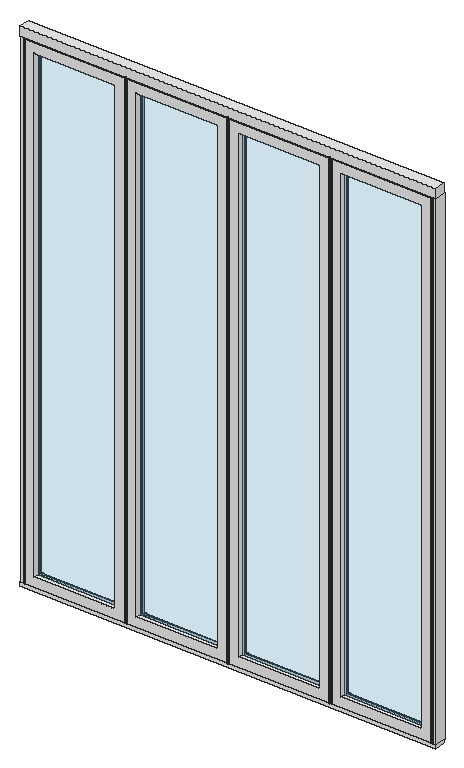
Revit family "98134", category Windows, host Wall, Revit 2018
Family settings
  Host = Wall
  OmniClass Number = 23.30.20.00
  OmniClass Title = Windows
  Always vertical = Yes
  Cut with Voids When Loaded = No
  Shared = No
  Room Calculation Point = No
Parameters (values of type "Standard")
  Y N Override Stack [instance] = no
  Y N Override Number of Panels [instance] = no
  Warranty URL = "http://www.nanawall.com/support/warranty"
  URL = "http://www.nanawall.com/design/autocad"
  U Value = 0.26
  Thickness = 3 19/128"
  Subcategory = "Folding Window"  # constant formula
  Stack Width [instance] = 3 19/128" * Panels  # 12 19/32"
  Split Stack Right [instance] = 4
  Split Stack [instance] = no
  Size Comment [instance] = if(or(Y N Override Stack, Y N Override Number of Panels), "CONTACT NANAWALL FOR SPECIAL SIZING", " ")  # " "
  Size Chart [instance] = "http://www.nanawall.com/products/sl70/sizes"
  Single Right Stack [instance] = if(and(Y N Override Stack, Left Stack), 1 = 0, if(Right Standard = 1, 1 = 1, if(and(C Split Stack, Split Stack Right = 1), 1 = 1, 1 = 0)))  # no
  Single Panel [instance] = if(and(Closed, Width < 39 1/16"), 1 = 1, if(Width > 39", 1 = 0, 1 = 0))  # no
  Single Left Stack [instance] = if(and(not(Y N Override Stack), (Left Standard = 1)), 1 = 1, if(and(Y N Override Stack, Left Stack, (Panels = 1)), 1 = 1, (if(and(C Split Stack, Split Stack Right = Panels - 1), 1 = 1, 1 = 0))))  # no
  Sills Available = "Raised, Low Profile Saddle, Flush"  # constant formula
  Sash = Metal - NanaWall - Aluminum
  Rough Width = Width - (2 * (121/128"))  # 118 7/64"
  Rough Height = Height - 2 129/256"  # 141 127/256"
  Right Standard [instance] = roundup(Panels / 2)  # 2
  Right Stack Width [instance] = RS C * Thickness  # 6 19/64"
  Right Stack [instance] = no
  RS C [instance] = if(RS = 1, 2, if(RS = 0, 2, if(C Split Stack, Split Stack Right, RS)))  # 2
  RS [instance] = if(Not Override Stack, Right Standard, if(C Right Stack, Panels, if(C Left Stack, 2, if(C Split Stack, Split Stack Right, 2))))  # 2
  Product Page URL = "http://www.nanawall.com/products/sl70"
  Performance URL = "http://www.nanawall.com/products/sl70/testingresult"
  Panels [instance] = if(Y N Override Number of Panels, Override Number of Panels, Panel Constraint)  # 4
  Panel Width [instance] = Opening Width / Panels  # 29 135/256"
  Panel Height = Height Constraint - (2 9/16")  # 141 7/16"
  Panel Constraint [instance] = if(Width < 55", 2, if(Width < 82", 2, if(Width < 110", 3, if(Width < 137", 4, if(Width < 166", 5, if(Width < 192", 6, if(Width < 220", 7, if(Width < 247", 8, if(Width < 274", 10, if(Width < 396", 11, if(Width < 432", 12, if(Width < 468", 13, if(Width < 504", 14, if(Width < 540", 15, if(Width < 576", 16, if(Width < 612", 17, if(Width < 648", 18, if(Width < 684", 19, if(Width < 720", 20, 21)))))))))))))))))))  # 4
  Override Number of Panels [instance] = 4
  Opening Width = Width - (121/128" * 2)  # 118 7/64"
  Open Right Single [instance] = if(and(Open, Single Right Stack), 1 = 1, 1 = 0)  # no
  Open Right Multi [instance] = if(and(Open, Multiple Right Stack), 1 = 1, 1 = 0)  # no
  Open Left Single [instance] = if(and(Open, Single Left Stack), 1 = 1, 1 = 0)  # no
  Open Left Multi [instance] = if(and(Open, Multiple Left Stack), 1 = 1, 1 = 0)  # no
  Open [instance] = no
  Not Override Stack [instance] = not(Y N Override Stack)  # yes
  NanaWall Configurator = "http://www.nanawall.com/content/select-wizard"
  Multiple Right Stack [instance] = if(Width < 39 1/16", 1 = 0, if(and(Right Standard < 1.5, Not Override Stack), 1 = 0, if(and(Right Standard > 1, Not Override Stack), 1 = 1, (if(and(C Split Stack, Split Stack Right > 1), 1 = 1, if(C Right Stack, 1 = 1, 1 = 0))))))  # yes
  Multiple Panel [instance] = if(and(Open, Width > 39 1/16"), 1 = 0, if(and(Closed, Width > 39 1/16"), 1 = 1, if(Width < 39", 1 = 0, 1 = 1)))  # yes
  Multiple Left Stack [instance] = if(and(Left Standard > 1, Not Override Stack), 1 = 1, (if(and(C Split Stack, Split Stack Right < Panels - 1), 1 = 1, if(C Left Stack, 1 = 1, 1 = 0))))  # yes
  Model = "SL-70"  # constant formula
  Max Panel Height = if(Panel Height > 144", 144", Panel Height)  # 141 7/16"
  Manufacturer Toll Free Phone = "(888) 411-NANA(6262)"  # constant formula
  Manufacturer Phone = "(415) 383-3148"  # constant formula
  Manufacturer Fax = "(415) 383-0312"  # constant formula
  Manufacturer Email = "mailto:info@nanawall.com"
  Manufacturer Address = "100 Meadowcreek Drive #250, Corte Madera, CA 94925"  # constant formula
  Manufacturer = "NanaWall Systems, Inc."  # constant formula
  Left Standard [instance] = rounddown(Panels / 2)  # 2
  Left Stack Width [instance] = LS C * Thickness  # 6 19/64"
  Left Stack [instance] = no
  LS C [instance] = if(LS = 1, 2, if(LS = 0, 2, if(C Split Stack, Panels - Split Stack Right, LS)))  # 2
  LS [instance] = if(Not Override Stack, Left Standard, if(C Left Stack, Panels, if(C Right Stack, 2, if(C Split Stack, Panels - Split Stack Right, 2))))  # 2
  Installation and Service URL = "http://www.nanawall.com/support/installer"
  Height Constraint = if(Height < 39", 39", if(Height > 144", 144", Height))  # 144"
  Height = 144"
  Wall Closure = By host
  Width = 120"
  Half Panel Width [instance] = Panel Width / 2  # 14.76367"
  Glazing Options = "http://www.nanawall.com/products/sl70/glazing"
  Glass Material = Glass - NanaWall - Generic
  Filler = Rubber - NanaWall - Black
  Exterior Wall Offset = 5"
  Engineering Details URL = "http://www.nanawall.com/products/sl70/component"
  Disclaimer = "Please note that the Revit model is for schematic purposes only.  To obtain a detailed 3D model, please go to the NanaWall's configurator at www.nanawall.com."  # constant formula
  Description = "Monumental Thermally Broken Folding System"  # constant formula
  Cost Info = "http://www.nanawall.com/design_wizard/sl70/quote-SDT-13"
  Closed [instance] = not(Open)  # yes
  Clearance On [instance] = no
  C Split Stack [instance] = if(and(Y N Override Stack, Split Stack), 1 = 1, if(Right Stack, 1 = 0, if(Left Stack, 1 = 0, 1 = 0)))  # no
  C Right Stack [instance] = if(and(Y N Override Stack, Right Stack), 1 = 1, if(Left Stack, 1 = 0, if(Split Stack, 1 = 0, 1 = 1)))  # yes
  C Left Stack [instance] = if(and(Y N Override Stack, Left Stack), 1 = 1, if(Right Stack, 1 = 0, if(Split Stack, 1 = 0, 1 = 0)))  # no
  Assembly Code = "B2050.1040"
  95 CSI = "8411"  # constant formula
  04 CSI = "08 41 13"  # constant formula
Reference planes
  plane 1 "Center (Front/Back)": y = 0
  plane 2 "Center (Left/Right)": x = 0
  plane 3 "Left": x = -1524
  plane 4 "Right": x = 1524
  plane 5 "Top": z = 3657.6
  plane 6: z = 3592.512
  plane 7 "Top Edge Of Sill": z = 23.416
  plane 8: z = 1828.8
  plane 9: x = -1500
  plane 10: x = 1500
  plane 11: x = 1340.059
  plane 12: y = -39.985
  plane 13: y = 39.985
  plane 14 "Sash Offset Plane": y = -50.8
  plane 15: y = -90.785
  plane 16: x = -1340.059
Lines and regions (mm)
  Opening 1
    outline origin (-2286, -76.2, 0) x (1, 0, 0) y (0, 0, 1)
      loop
        line (762, 0) -> (3810, 0) -> (3810, 3657.6) -> (762, 3657.6) -> (762, 0)
  symbolic lines
    curve 1: line (-1524, -10.815, 0) -> (-1500, -10.815, 0)
    curve 3: line (-1524, -10.815, 0) -> (1524, -10.815, 0)
    curve 4: line (-1524, -90.785, 0) -> (1524, -90.785, 0)
    curve 8: line (-1500, -10.815, 0) -> (-1500, -90.785, 0)
    curve 9: line (-1524, -90.785, 0) -> (-1524, -10.815, 0)
  symbolic lines, visible <- "Clearance On"
    curve 2: line (-1500, -90.785, 0) -> (-1524, -90.785, 0)
    curve 5: line (-1500, -840.78, 0) -> (-1500, -90.785, 0)
    curve 6: line (1500, -840.78, 0) -> (-1500, -840.78, 0)
    curve 7: line (1500, -90.785, 0) -> (1500, -840.78, 0)
Text (mm)
  text "Exterior" at (-1930.501, 1299.302, 0), in view "Ref. Level"
  text "Interior" at (-1848.876, -1281.113, 0), in view "Ref. Level"
  text "Exterior" at (0, 1019.848, 2216.482), in view "Right"
  text "Interior" at (0, -1635.541, 2216.482), in view "Right"
  text "Interior" at (0, -787.806, 3124.376), in view "Left"
  text "Exterior" at (0, 1386.095, 3124.376), in view "Left"
Dimensions and locks
  "Height Constraint": level to plane 5 "Top"
  "Width": plane 3 "Left" to plane 4 "Right"
  equal spacing: plane 3 "Left", plane 2 "Center (Left/Right)", plane 4 "Right"
  locked: level to plane 7 "Top Edge Of Sill" at 23.416
  locked: plane 6 to plane 5 "Top" at 65.087
  equal spacing: level, plane 8, plane 5 "Top"
  locked: plane 3 "Left" to plane 9 at 24
  locked: plane 10 to plane 4 "Right" at 24
  host wall to host wall = 144"
  "Right Stack Width": plane 11 to plane 10
  equal spacing: plane 13, host wall, plane 12
  locked: plane 13 to plane 12 at 79.97
  equal spacing: group 1, group 3, group 4, group 2  (x3)
  "Exterior Wall Offset": host wall to plane 14 "Sash Offset Plane"
  locked: plane 14 "Sash Offset Plane" to plane 15 at 39.985
  group 6 to group 5 = 3 19/128"
  group 5 to group 6 = 0"  (x2)
  plane 3 "Left" to plane 9 = 0.94488"
  "Left Stack Width": plane 9 to plane 16
  group 7 to group 8 = 3 19/128"
  group 7 to group 8 = 0"  (x2)
  group 10 to group 9 = 3 19/128"
  group 9 to group 10 = 0"  (x2)
  curve 4 to plane 14 "Sash Offset Plane" to curve 3 = 1 147/256" locked, 1 147/256" locked
  "Panel Width": plane 15 to curve 6
  group 11 to group 12 = 3 19/128"
  group 11 to group 12 = 0"  (x2)
  aligned and locked: plane 3 "Left" to Opening 1 sketch curve
  aligned and locked: plane 5 "Top" to Opening 1 sketch curve  (x2)
  aligned and locked: Opening 1 sketch curve to plane 4 "Right"
  aligned and locked: Opening 1 sketch curve to level
  aligned and locked: nested 1 to plane 3 "Left"
  aligned and locked: nested 2 to plane 4 "Right"
  aligned and locked: plane 9 to nested 3
  aligned and locked: plane 14 "Sash Offset Plane" to nested 3
  aligned and locked: nested 1 to plane 14 "Sash Offset Plane"
  aligned and locked: plane 14 "Sash Offset Plane" to nested 2
  aligned and locked: nested 5 to plane 14 "Sash Offset Plane"
  aligned and locked: plane 15 to nested 9
  aligned and locked: nested 10 to plane 11
  aligned and locked: plane 15 to nested 10
  aligned and locked: plane 14 "Sash Offset Plane" to nested 4
  aligned and locked: plane 14 "Sash Offset Plane" to nested 6
  aligned and locked: level to nested 5
  aligned and locked: nested 3 to level
  aligned and locked: nested 6 to level
  aligned and locked: level to nested 2
  aligned and locked: nested 1 to level
  aligned and locked: plane 10 to nested 6
  aligned and locked: nested 5 to plane 3 "Left"
  aligned and locked: nested 5 to plane 4 "Right"
  aligned and locked: plane 3 "Left" to curve 2
  aligned and locked: plane 9 to curve 2
  aligned and locked: plane 15 to curve 2
  aligned and locked: nested 9 to plane 10
  aligned and locked: nested 11 to level
  aligned and locked: nested 12 to level
  aligned and locked: plane 15 to nested 13
  aligned and locked: nested 13 to plane 10
  aligned and locked: plane 15 to nested 12
  aligned and locked: plane 15 to nested 15
  aligned and locked: plane 9 to nested 15
  aligned and locked: nested 16 to plane 16
  aligned and locked: plane 15 to nested 16
  aligned and locked: plane 15 to nested 14
  aligned and locked: plane 9 to nested 14
  aligned and locked: plane 10 to nested 12
  aligned and locked: nested 17 to level
  aligned and locked: nested 17 to plane 11
  aligned and locked: plane 15 to nested 17
  aligned and locked: nested 18 to level
  aligned and locked: nested 19 to level
  aligned and locked: plane 15 to nested 11
  aligned and locked: plane 10 to nested 11
  aligned and locked: plane 15 to nested 19
  aligned and locked: nested 19 to plane 9
  aligned and locked: plane 15 to nested 18
  aligned and locked: nested 18 to plane 9
  aligned and locked: plane 3 "Left" to curve 3
  aligned and locked: plane 4 "Right" to curve 3
  aligned and locked: plane 4 "Right" to curve 4
  aligned and locked: curve 5 to plane 9
  aligned and locked: curve 7 to plane 10
  aligned and locked: plane 14 "Sash Offset Plane" to nested 20
  aligned and locked: nested 21 to level
  aligned and locked: plane 16 to nested 16
  aligned and locked: plane 15 to nested 21
  aligned and locked: plane 9 to curve 8
  aligned and locked: plane 6 to nested 20
  aligned and locked: nested 4 to plane 5 "Top"
Nested families
  nested 1: "Left-Jamb_SL-70" at (-1338.527, -50.8, 0), type "Left-Jamb_SL-70"
    with Height 141 7/16"
  nested 2: "Right-Jamb_SL-70" at (1338.527, -50.8, 0) x (-1, 0, 0) z (0, 0, 1), type "Right-Jamb_SL-70"
  nested 3: "Sash_SL-70_NanaWall" at (-1124.689, -257.175, 0) x (-1, 0, 0) z (0, 0, 1), visible <- "Multiple Panel", type "Sash_SL-70_NanaWall"
  nested 4: "Header_SL-70" at (185.473, -50.8, 0), type "Header_SL-70"
  nested 5: "Sill_SL-70" at (185.473, -50.8, -23.416), type "Sill_SL-70"
  nested 6: "Sash_SL-70_NanaWall" at (1125.316, -257.175, 0) x (-1, 0, 0) z (0, 0, 1), visible <- "Multiple Panel", type "Sash_SL-70_NanaWall"
  nested 7: "Sash_SL-70_NanaWall" at (-374.687, -257.175, 0) x (-1, 0, 0) z (0, 0, 1), visible <- "Multiple Panel", type "Sash_SL-70_NanaWall"
  nested 8: "Sash_SL-70_NanaWall" at (375.315, -257.175, 0) x (-1, 0, 0) z (0, 0, 1), visible <- "Multiple Panel", type "Sash_SL-70_NanaWall"
  nested 9: "DetailItem_Panel" at (1458.865, -423.614, 0), visible <- "Multiple Right Stack", type "DetailItem_Panel"
    with Panel Thickness 3 19/128"
  nested 10: "DetailItem_Panel" at (1378.895, -423.614, 0), visible <- "Multiple Right Stack", type "DetailItem_Panel"
    with Panel Thickness 3 19/128"
  nested 11: "Sash_SL-70_NanaWall" at (1253.64, -466.096, 0) x (0, 1, 0) z (0, 0, 1), visible <- "Open Right Single", type "Sash_SL-70_NanaWall"
  nested 12: "Sash_SL-70_NanaWall" at (1253.64, -466.096, 0) x (0, 1, 0) z (0, 0, 1), visible <- "Open Right Multi", type "Sash_SL-70_NanaWall"
  nested 13: "DetailItem_Panel" at (1458.865, -423.614, 0), visible <- "Single Right Stack", type "DetailItem_Panel"
    with Panel Thickness 3 19/128"
  nested 14: "DetailItem_Panel" at (-1461.165, -423.614, 0), visible <- "Single Left Stack", type "DetailItem_Panel"
    with Panel Thickness 3 19/128"
  nested 15: "DetailItem_Panel" at (-1461.165, -423.614, 0), visible <- "Multiple Left Stack", type "DetailItem_Panel"
    with Panel Thickness 3 19/128"
  nested 16: "DetailItem_Panel" at (-1381.194, -423.614, 0), visible <- "Multiple Left Stack", type "DetailItem_Panel"
    with Panel Thickness 3 19/128"
  nested 17: "Sash_SL-70_NanaWall" at (1173.67, -466.096, 0) x (0, 1, 0) z (0, 0, 1), visible <- "Open Right Multi", type "Sash_SL-70_NanaWall"
  nested 18: "Sash_SL-70_NanaWall" at (-1666.39, -466.096, 0) x (0, 1, 0) z (0, 0, 1), visible <- "Open Left Single", type "Sash_SL-70_NanaWall"
  nested 19: "Sash_SL-70_NanaWall" at (-1666.39, -466.096, 0) x (0, 1, 0) z (0, 0, 1), visible <- "Open Left Multi", type "Sash_SL-70_NanaWall"
  nested 20: "Sash_SL-70_NanaWall" at (0.314, -257.175, 0) x (-1, 0, 0) z (0, 0, 1), visible <- "Single Panel", type "Sash_SL-70_NanaWall Full"
    with Width 118 7/64"
  nested 21: "Sash_SL-70_NanaWall" at (-1586.42, -466.096, 0) x (0, 1, 0) z (0, 0, 1), visible <- "Open Left Multi", type "Sash_SL-70_NanaWall"
Definition of nested family "Left-Jamb_SL-70"
  Parameters
    Width = 12"
    Left Jamb = none
    Height = 143 5/64"
    Half = no
    Assembly Code = ""
  Reference planes
    plane 1 "Center (Front/Back)": y = 0
    plane 2: z = 0
    plane 3 "Center (Left/Right)": x = -185.473
    plane 4 "Top": z = 3634.184
  Forms (mm)
    Sweep 1, solid, material <- "Left Jamb"
      path origin (-185.473, -3.473, 0) x (0, 1, 0) y (0, 0, 1)
        loop
          line (0, 3634.184) -> (0, 0)
      profile "Profile_Left-Jamb_SL-70 : Profile_Left-Jamb_SL-70" origin (-185.473, -3.473, 1817.092) x (0, 1, 0) y (1, 0, 0)
        loop
          line (-36.5, 0) -> (43.5, 0) -> (43.5, 23.987) -> (-36.5, 23.987) -> (-36.5, 0)
  Lines and regions (mm)
    Masking region 1
      outline origin (0, 0, 0) x (1, 0, 0) y (0, 1, 0)
        loop
          line (-185.473, 40.027) -> (-185.473, -39.973) -> (-161.486, -39.973) -> (-161.486, 40.027) -> (-185.473, 40.027)
  Dimensions and locks
    "Height": plane 4 "Top" to level
    plane 4 "Top" to level = 143 5/64"
    aligned and locked: plane 4 "Top" to Sweep 1 sketch curve
    aligned and locked: level to Sweep 1 sketch curve
    aligned and locked: plane 3 "Center (Left/Right)" to nested 1
    aligned and locked: Masking region 1 sketch curve to plane 3 "Center (Left/Right)"
  Automatic sketch dimensions
    plane 1 "Center (Front/Back)" to Sweep 1 sketch curve = 35/256"
    plane 1 "Center (Front/Back)" to Masking region 1 sketch curve = 1.57373"
    Masking region 1 sketch curve to plane 1 "Center (Front/Back)" = 1.57588"
    Masking region 1 sketch curve to Masking region 1 sketch curve = 0.94436"
  Nested families
    nested 1: "Detail Item_Left-Jamb_SL-70" at (-185.473, 0.647, 0), type "Detail Item_Left-Jamb_SL-70", detail levels fine
      with Half no
  Definition of nested family "Detail Item_Left-Jamb_SL-70"
    Parameters
      SmartBIM Object Version = 1
      SmartBIM Object Created By = "Reed Construction Data"
      Half = yes
      Assembly Code = ""
      95 CSI = ""
      04 CSI = ""
    Reference planes
      plane 1 "Center (Front/Back)": y = 0
      plane 2: z = 0
      plane 3 "Center (Left/Right)": x = 0
    Lines and regions (mm)
      model lines, in view "Ref. Level"
        curve 1: arc (35, -14.319, 0) -> (33.727, -14.846, 0) -> (33.2, -16.119, 0) r 1.8
        curve 2: arc (30, -24.319, 0) -> (28.727, -24.846, 0) -> (28.2, -26.119, 0) r 1.8
        curve 3: arc (23.2, -37.619, 0) -> (22.907, -36.912, 0) -> (22.2, -36.619, 0) r 1
        curve 21: line (6.8, -38.619, 0) -> (21.7, -38.619, 0)
        curve 22: line (21.7, -38.619, 0) -> (21.7, -36.619, 0)
        curve 23: line (21.7, -36.619, 0) -> (22.2, -36.619, 0)
        curve 24: line (23.2, -37.619, 0) -> (23.2, -38.619, 0)
        curve 25: line (23.2, -38.619, 0) -> (28.2, -38.619, 0)
        curve 26: line (28.2, -38.619, 0) -> (28.2, -26.119, 0)
        curve 27: line (30, -24.319, 0) -> (33.2, -24.319, 0)
        curve 28: line (33.2, -24.319, 0) -> (33.2, -16.119, 0)
        curve 29: line (33.5, -28.119, 0) -> (35, -27.717, 0)
        curve 30: line (35, -27.717, 0) -> (35, -16.119, 0)
        curve 46: line (0, -40.619, 0) -> (35, -40.619, 0)
        curve 47: line (35, -40.619, 0) -> (35, -36.021, 0)
        curve 48: line (35, -36.021, 0) -> (33.5, -35.619, 0)
        curve 49: line (33.5, -35.619, 0) -> (33.5, -38.819, 0)
        curve 50: line (33.5, -38.819, 0) -> (30, -38.819, 0)
        curve 51: line (30, -38.819, 0) -> (30, -32.389, 0)
        curve 52: line (30, -32.389, 0) -> (29.7, -31.869, 0)
        curve 53: line (29.7, -31.869, 0) -> (30, -31.35, 0)
        curve 54: line (30, -31.35, 0) -> (30, -26.119, 0)
        curve 55: line (30, -26.119, 0) -> (33.5, -26.119, 0)
        curve 56: line (33.5, -26.119, 0) -> (33.5, -28.119, 0)
        curve 88: line (0, 39.381, 0) -> (0, -40.619, 0)
        curve 106: arc (16.528, 21.681, 0) -> (16.066, 21.372, 0) -> (16.175, 20.827, 0) r 0.5
        curve 107: arc (16.561, 18.32, 0) -> (17, 19.381, 0) -> (16.561, 20.441, 0) r 1.5
        curve 108: arc (10.7, 16.081, 0) -> (10, 15.381, 0) -> (10.7, 14.681, 0) r 0.7
        curve 109: arc (21.7, 21.681, 0) -> (22.101, 20.556, 0) -> (23.197, 20.081, 0) r 1.5
        curve 110: arc (40, 18.066, 0) -> (39.925, 18.264, 0) -> (39.737, 18.364, 0) r 0.3
        curve 111: arc (39.737, 16.398, 0) -> (39.925, 16.497, 0) -> (40, 16.696, 0) r 0.3
        curve 112: arc (45.1, 12.881, 0) -> (46, 13.781, 0) -> (45.1, 14.681, 0) r 0.9
        curve 113: arc (24.371, 9.308, 0) -> (24.804, 9.395, 0) -> (25, 9.791, 0) r 0.5
        curve 114: arc (22.088, 10.181, 0) -> (22.076, 10.004, 0) -> (22.209, 9.888, 0) r 0.2
        curve 115: arc (23.473, 12.581, 0) -> (23.473, 12.781, 0) -> (23.3, 12.881, 0) r 0.2
        curve 116: arc (18.7, 12.881, 0) -> (18.527, 12.781, 0) -> (18.527, 12.581, 0) r 0.2
        curve 117: arc (19.739, 9.881, 0) -> (19.912, 9.981, 0) -> (19.912, 10.181, 0) r 0.2
        curve 118: arc (17.488, 10.381, 0) -> (17.854, 10.015, 0) -> (18.354, 9.881, 0) r 1
        curve 119: arc (7.446, 9.881, 0) -> (7.946, 10.015, 0) -> (8.312, 10.381, 0) r 1
        curve 120: arc (5.888, 10.181, 0) -> (5.888, 9.981, 0) -> (6.061, 9.881, 0) r 0.2
        curve 121: arc (7.273, 12.581, 0) -> (7.273, 12.781, 0) -> (7.1, 12.881, 0) r 0.2
        curve 122: arc (2.5, 12.881, 0) -> (2.327, 12.781, 0) -> (2.327, 12.581, 0) r 0.2
        curve 123: arc (3.591, 9.888, 0) -> (3.724, 10.004, 0) -> (3.712, 10.181, 0) r 0.2
        curve 124: arc (0.8, 9.791, 0) -> (0.996, 9.395, 0) -> (1.429, 9.308, 0) r 0.5
        curve 125: arc (0, 13.681, 0) -> (0.234, 13.115, 0) -> (0.8, 12.881, 0) r 0.8
        curve 126: arc (11.724, 18.322, 0) -> (11.583, 18.381, 0) -> (11.441, 18.322, 0) r 0.2
        curve 127: arc (11.441, 20.439, 0) -> (11.583, 20.381, 0) -> (11.724, 20.439, 0) r 0.2
        curve 128: arc (65, 34.381, 0) -> (63.536, 37.916, 0) -> (60, 39.381, 0) r 5
        curve 129: arc (62.8, 31.381, 0) -> (62.946, 31.027, 0) -> (63.3, 30.881, 0) r 0.5
        curve 130: arc (59.2, 30.881, 0) -> (59.554, 31.027, 0) -> (59.7, 31.381, 0) r 0.5
        curve 131: arc (57.5, 31.881, 0) -> (57.793, 31.174, 0) -> (58.5, 30.881, 0) r 1
        curve 132: arc (59, 34.681, 0) -> (57.939, 34.241, 0) -> (57.5, 33.181, 0) r 1.5
        curve 133: arc (62.985, 34.681, 0) -> (62.012, 36.606, 0) -> (60, 37.381, 0) r 3
        curve 134: arc (48.7, 35.681, 0) -> (49.139, 34.62, 0) -> (50.2, 34.181, 0) r 1.5
        curve 135: arc (49, 20.881, 0) -> (48.707, 21.588, 0) -> (48, 21.881, 0) r 1
        curve 136: arc (48.7, 19.881, 0) -> (48.912, 19.969, 0) -> (49, 20.181, 0) r 0.3
        curve 137: arc (47.8, 20.081, 0) -> (47.91, 19.936, 0) -> (48.083, 19.881, 0) r 0.3
        curve 138: arc (40, -10.934, 0) -> (39.925, -10.736, 0) -> (39.737, -10.636, 0) r 0.3
        curve 139: arc (45.1, -8.919, 0) -> (46, -8.019, 0) -> (45.1, -7.119, 0) r 0.9
        curve 140: arc (25, -4.03, 0) -> (24.804, -3.633, 0) -> (24.371, -3.547, 0) r 0.5
        curve 141: arc (22.209, -4.126, 0) -> (22.076, -4.243, 0) -> (22.088, -4.419, 0) r 0.2
        curve 142: arc (23.3, -7.119, 0) -> (23.473, -7.019, 0) -> (23.473, -6.819, 0) r 0.2
        curve 143: arc (18.527, -6.819, 0) -> (18.527, -7.019, 0) -> (18.7, -7.119, 0) r 0.2
        curve 144: arc (19.912, -4.419, 0) -> (19.912, -4.219, 0) -> (19.739, -4.119, 0) r 0.2
        curve 145: arc (18.354, -4.119, 0) -> (17.854, -4.253, 0) -> (17.488, -4.619, 0) r 1
        curve 146: arc (8.312, -4.619, 0) -> (7.946, -4.253, 0) -> (7.446, -4.119, 0) r 1
        curve 147: arc (6.061, -4.119, 0) -> (5.888, -4.219, 0) -> (5.888, -4.419, 0) r 0.2
        curve 148: arc (7.1, -7.119, 0) -> (7.273, -7.019, 0) -> (7.273, -6.819, 0) r 0.2
        curve 149: arc (2.327, -6.819, 0) -> (2.327, -7.019, 0) -> (2.5, -7.119, 0) r 0.2
        curve 150: arc (3.712, -4.419, 0) -> (3.724, -4.243, 0) -> (3.591, -4.126, 0) r 0.2
        curve 151: arc (1.429, -3.547, 0) -> (0.996, -3.633, 0) -> (0.8, -4.03, 0) r 0.5
        curve 152: arc (0.8, -7.119, 0) -> (0.234, -7.354, 0) -> (0, -7.919, 0) r 0.8
        curve 153: arc (11.441, -19.561, 0) -> (11.583, -19.619, 0) -> (11.724, -19.561, 0) r 0.2
        curve 154: arc (11.724, -21.678, 0) -> (11.583, -21.619, 0) -> (11.441, -21.678, 0) r 0.2
        curve 155: arc (48, -16.119, 0) -> (48.707, -15.826, 0) -> (49, -15.119, 0) r 1
        curve 156: arc (49, -14.419, 0) -> (48.912, -14.207, 0) -> (48.7, -14.119, 0) r 0.3
        curve 157: arc (48.083, -14.119, 0) -> (47.91, -14.174, 0) -> (47.8, -14.319, 0) r 0.3
        curve 158: arc (39.737, -12.602, 0) -> (39.925, -12.503, 0) -> (40, -12.304, 0) r 0.3
        curve 159: arc (22.2, -26.419, 0) -> (22.907, -26.126, 0) -> (23.2, -25.419, 0) r 1
        curve 160: arc (23.2, -24.419, 0) -> (22.761, -23.359, 0) -> (21.7, -22.919, 0) r 1.5
        curve 161: arc (16.175, -22.066, 0) -> (16.066, -22.611, 0) -> (16.528, -22.919, 0) r 0.5
        curve 162: arc (16.561, -21.68, 0) -> (17, -20.619, 0) -> (16.561, -19.559, 0) r 1.5
        curve 163: arc (3.55, 9.512, 0) -> (3.733, 9.695, 0) -> (3.8, 9.945, 0) r 0.5
        curve 164: arc (3.8, -4.183, 0) -> (3.733, -3.933, 0) -> (3.55, -3.75, 0) r 0.5
        curve 165: arc (3.025, 7.015, 0) -> (2.659, 6.649, 0) -> (2.525, 6.149, 0) r 1
        curve 166: arc (2.525, -0.387, 0) -> (2.659, -0.887, 0) -> (3.025, -1.253, 0) r 1
        curve 167: arc (2.675, -6.919, 0) -> (2.734, -7.061, 0) -> (2.875, -7.119, 0) r 0.2
        curve 168: arc (6.725, -7.119, 0) -> (6.866, -7.061, 0) -> (6.925, -6.919, 0) r 0.2
        curve 169: arc (5.8, -3.433, 0) -> (5.666, -2.933, 0) -> (5.3, -2.567, 0) r 1
        curve 170: arc (5.3, 8.328, 0) -> (5.666, 8.694, 0) -> (5.8, 9.194, 0) r 1
        curve 171: arc (6.925, 12.681, 0) -> (6.866, 12.822, 0) -> (6.725, 12.881, 0) r 0.2
        curve 172: arc (2.875, 12.881, 0) -> (2.734, 12.822, 0) -> (2.675, 12.681, 0) r 0.2
        curve 173: arc (0.725, -1.831, 0) -> (0.792, -2.081, 0) -> (0.975, -2.264, 0) r 0.5
        curve 174: arc (0.975, 8.025, 0) -> (0.792, 7.842, 0) -> (0.725, 7.592, 0) r 0.5
        curve 175: arc (22.25, -3.75, 0) -> (22.067, -3.933, 0) -> (22, -4.183, 0) r 0.5
        curve 176: arc (22, 9.945, 0) -> (22.067, 9.695, 0) -> (22.25, 9.512, 0) r 0.5
        curve 177: arc (22.775, -1.253, 0) -> (23.141, -0.887, 0) -> (23.275, -0.387, 0) r 1
        curve 178: arc (23.275, 6.149, 0) -> (23.141, 6.649, 0) -> (22.775, 7.015, 0) r 1
        curve 179: arc (23.125, 12.681, 0) -> (23.066, 12.822, 0) -> (22.925, 12.881, 0) r 0.2
        curve 180: arc (19.075, 12.881, 0) -> (18.934, 12.822, 0) -> (18.875, 12.681, 0) r 0.2
        curve 181: arc (20, 9.194, 0) -> (20.134, 8.694, 0) -> (20.5, 8.328, 0) r 1
        curve 182: arc (20.5, -2.567, 0) -> (20.134, -2.933, 0) -> (20, -3.433, 0) r 1
        curve 183: arc (18.875, -6.919, 0) -> (18.934, -7.061, 0) -> (19.075, -7.119, 0) r 0.2
        curve 184: arc (22.925, -7.119, 0) -> (23.066, -7.061, 0) -> (23.125, -6.919, 0) r 0.2
        curve 185: arc (25.075, 7.592, 0) -> (25.008, 7.842, 0) -> (24.825, 8.025, 0) r 0.5
        curve 186: arc (24.825, -2.264, 0) -> (25.008, -2.081, 0) -> (25.075, -1.831, 0) r 0.5
        curve 316: line (0.8, 9.791, 0) -> (0.8, 12.881, 0)
        curve 317: line (0, 13.681, 0) -> (0, 16.281, 0)
        curve 318: line (0, 16.281, 0) -> (1.3, 17.581, 0)
        curve 319: line (1.3, 17.581, 0) -> (2.254, 17.581, 0)
        curve 320: line (2.254, 17.581, 0) -> (2.6, 16.981, 0)
        curve 321: line (2.6, 16.981, 0) -> (2.946, 17.581, 0)
        curve 322: line (2.946, 17.581, 0) -> (3.854, 17.581, 0)
        curve 323: line (3.854, 17.581, 0) -> (4.2, 16.981, 0)
        curve 324: line (21.7, 23.181, 0) -> (21.7, 37.381, 0)
        curve 325: line (21.7, 37.381, 0) -> (6.8, 37.381, 0)
        curve 326: line (6.8, 37.381, 0) -> (6.8, 23.181, 0)
        curve 327: line (6.8, 23.181, 0) -> (21.7, 23.181, 0)
        curve 328: line (4.2, 16.981, 0) -> (4.546, 17.581, 0)
        curve 329: line (4.546, 17.581, 0) -> (5.454, 17.581, 0)
        curve 330: line (5.454, 17.581, 0) -> (5.8, 16.981, 0)
        curve 331: line (5.8, 16.981, 0) -> (6.146, 17.581, 0)
        curve 332: line (6.146, 17.581, 0) -> (7.054, 17.581, 0)
        curve 333: line (7.054, 17.581, 0) -> (7.4, 16.981, 0)
        curve 334: line (7.4, 16.981, 0) -> (7.746, 17.581, 0)
        curve 335: line (7.746, 17.581, 0) -> (8.654, 17.581, 0)
        curve 336: line (8.654, 17.581, 0) -> (9, 16.981, 0)
        curve 337: line (9, 16.981, 0) -> (9.346, 17.581, 0)
        curve 338: line (9.346, 17.581, 0) -> (10.7, 17.581, 0)
        curve 339: line (5.888, 10.181, 0) -> (7.273, 12.581, 0)
        curve 340: line (17.488, 10.381, 0) -> (16.044, 12.881, 0)
        curve 341: line (16.044, 12.881, 0) -> (9.756, 12.881, 0)
        curve 342: line (9.756, 12.881, 0) -> (8.312, 10.381, 0)
        curve 343: line (10.7, 17.581, 0) -> (11.441, 18.322, 0)
        curve 344: line (11.724, 18.322, 0) -> (12.466, 17.581, 0)
        curve 345: line (12.466, 17.581, 0) -> (13.7, 17.581, 0)
        curve 346: line (13.7, 17.581, 0) -> (15.5, 19.381, 0)
        curve 347: line (15.5, 19.381, 0) -> (13.7, 21.181, 0)
        curve 348: line (13.7, 21.181, 0) -> (12.466, 21.181, 0)
        curve 349: line (12.466, 21.181, 0) -> (11.724, 20.439, 0)
        curve 350: line (16.561, 18.32, 0) -> (14.321, 16.081, 0)
        curve 351: line (14.321, 16.081, 0) -> (10.7, 16.081, 0)
        curve 352: line (60, 37.381, 0) -> (50.2, 37.381, 0)
        curve 353: line (50.2, 37.381, 0) -> (50.2, 35.181, 0)
        curve 354: line (50.2, 35.181, 0) -> (52.2, 35.181, 0)
        curve 355: line (52.2, 35.181, 0) -> (52.2, 34.181, 0)
        curve 356: line (59, 34.681, 0) -> (59, 35.181, 0)
        curve 357: line (59, 35.181, 0) -> (60.5, 35.181, 0)
        curve 358: line (60.5, 35.181, 0) -> (60.5, 34.681, 0)
        curve 359: line (60.5, 34.681, 0) -> (62.985, 34.681, 0)
        curve 360: line (52.2, 34.181, 0) -> (50.2, 34.181, 0)
        curve 361: line (62.8, 31.381, 0) -> (62.8, 31.881, 0)
        curve 362: line (62.8, 31.881, 0) -> (64, 31.881, 0)
        curve 363: line (64, 31.881, 0) -> (64, 33.181, 0)
        curve 364: line (64, 33.181, 0) -> (58.5, 33.181, 0)
        curve 365: line (58.5, 33.181, 0) -> (58.5, 31.881, 0)
        curve 366: line (58.5, 31.881, 0) -> (59.7, 31.881, 0)
        curve 367: line (59.7, 31.881, 0) -> (59.7, 31.381, 0)
        curve 368: line (48.7, 35.681, 0) -> (48.7, 37.381, 0)
        curve 369: line (48.7, 37.381, 0) -> (23.2, 37.381, 0)
        curve 370: line (23.2, 37.381, 0) -> (23.2, 26.9, 0)
        curve 371: line (23.2, 26.9, 0) -> (22.9, 26.381, 0)
        curve 372: line (22.9, 26.381, 0) -> (23.2, 25.861, 0)
        curve 373: line (23.2, 25.861, 0) -> (23.2, 21.881, 0)
        curve 374: line (23.2, 21.881, 0) -> (48, 21.881, 0)
        curve 375: line (45.1, 12.881, 0) -> (25, 12.881, 0)
        curve 376: line (25, 12.881, 0) -> (25, 9.791, 0)
        curve 377: line (22.088, 10.181, 0) -> (23.473, 12.581, 0)
        curve 378: line (65, 34.381, 0) -> (65, 30.881, 0)
        curve 379: line (65, 30.881, 0) -> (63.3, 30.881, 0)
        curve 380: line (59.2, 30.881, 0) -> (58.5, 30.881, 0)
        curve 381: line (3.591, 9.888, 0) -> (1.429, 9.308, 0)
        curve 382: line (21.7, 21.681, 0) -> (16.528, 21.681, 0)
        curve 383: line (11.441, 20.439, 0) -> (10.7, 21.181, 0)
        curve 384: line (10.7, 21.181, 0) -> (10.146, 21.181, 0)
        curve 385: line (10.146, 21.181, 0) -> (9.8, 21.781, 0)
        curve 386: line (9.8, 21.781, 0) -> (9.454, 21.181, 0)
        curve 387: line (9.454, 21.181, 0) -> (8.546, 21.181, 0)
        curve 388: line (8.546, 21.181, 0) -> (8.2, 21.781, 0)
        curve 389: line (8.2, 21.781, 0) -> (7.854, 21.181, 0)
        curve 390: line (7.854, 21.181, 0) -> (6.946, 21.181, 0)
        curve 391: line (6.946, 21.181, 0) -> (6.6, 21.781, 0)
        curve 392: line (6.6, 21.781, 0) -> (6.254, 21.181, 0)
        curve 393: line (6.254, 21.181, 0) -> (5.346, 21.181, 0)
        curve 394: line (5.346, 21.181, 0) -> (5, 21.781, 0)
        curve 395: line (5, 21.781, 0) -> (4.654, 21.181, 0)
        curve 396: line (4.654, 21.181, 0) -> (3.746, 21.181, 0)
        curve 397: line (3.746, 21.181, 0) -> (3.4, 21.781, 0)
        curve 398: line (3.4, 21.781, 0) -> (3.054, 21.181, 0)
        curve 399: line (3.054, 21.181, 0) -> (2.146, 21.181, 0)
        curve 400: line (2.146, 21.181, 0) -> (1.8, 21.781, 0)
        curve 401: line (1.8, 21.781, 0) -> (1.454, 21.181, 0)
        curve 402: line (1.3, 21.181, 0) -> (0, 22.481, 0)
        curve 403: line (0, 22.481, 0) -> (0, 24.979, 0)
        curve 404: line (0, 24.979, 0) -> (1.5, 25.381, 0)
        curve 405: line (1.5, 25.381, 0) -> (1.5, 23.381, 0)
        curve 406: line (1.5, 23.381, 0) -> (5, 23.381, 0)
        curve 407: line (5, 23.381, 0) -> (5, 29.861, 0)
        curve 408: line (5, 29.861, 0) -> (5.3, 30.381, 0)
        curve 409: line (5.3, 30.381, 0) -> (5, 30.9, 0)
        curve 410: line (5, 30.9, 0) -> (5, 37.381, 0)
        curve 411: line (5, 37.381, 0) -> (1.5, 37.381, 0)
        curve 412: line (1.5, 37.381, 0) -> (1.5, 35.381, 0)
        curve 413: line (1.5, 35.381, 0) -> (0, 35.783, 0)
        curve 414: line (0, 35.783, 0) -> (0, 39.381, 0)
        curve 415: line (0, 39.381, 0) -> (60, 39.381, 0)
        curve 416: line (47.8, 20.081, 0) -> (38, 20.081, 0)
        curve 417: line (38, 20.081, 0) -> (38, 18.581, 0)
        curve 418: line (38, 18.581, 0) -> (39.737, 18.364, 0)
        curve 419: line (10.7, 14.681, 0) -> (36.2, 14.681, 0)
        curve 420: line (36.2, 14.681, 0) -> (36.2, 20.081, 0)
        curve 421: line (36.2, 20.081, 0) -> (23.197, 20.081, 0)
        curve 422: line (48.7, 19.881, 0) -> (48.083, 19.881, 0)
        curve 423: line (39.737, 16.398, 0) -> (38, 16.181, 0)
        curve 424: line (38, 16.181, 0) -> (38, 14.681, 0)
        curve 425: line (38, 14.681, 0) -> (45.1, 14.681, 0)
        curve 426: line (23.3, 12.881, 0) -> (18.7, 12.881, 0)
        curve 427: line (7.1, 12.881, 0) -> (2.5, 12.881, 0)
        curve 428: line (40, 18.066, 0) -> (40, 16.696, 0)
        curve 429: line (19.739, 9.881, 0) -> (18.354, 9.881, 0)
        curve 430: line (7.446, 9.881, 0) -> (6.061, 9.881, 0)
        curve 431: line (49, 20.881, 0) -> (49, 20.181, 0)
        curve 432: line (24.371, 9.308, 0) -> (22.209, 9.888, 0)
        curve 433: line (57.5, 31.881, 0) -> (57.5, 33.181, 0)
        curve 434: line (16.175, 20.827, 0) -> (16.561, 20.441, 0)
        curve 435: line (18.527, 12.581, 0) -> (19.912, 10.181, 0)
        curve 436: line (2.327, 12.581, 0) -> (3.712, 10.181, 0)
        curve 437: line (0.8, -4.03, 0) -> (0.8, -7.119, 0)
        curve 438: line (0, -40.619, 0) -> (0, -37.021, 0)
        curve 439: line (0, -37.021, 0) -> (1.5, -36.619, 0)
        curve 440: line (1.5, -36.619, 0) -> (1.5, -38.619, 0)
        curve 441: line (1.5, -38.619, 0) -> (5, -38.619, 0)
        curve 442: line (5, -38.619, 0) -> (5, -32.139, 0)
        curve 443: line (5, -32.139, 0) -> (5.3, -31.619, 0)
        curve 444: line (5.3, -31.619, 0) -> (5, -31.1, 0)
        curve 445: line (5, -31.1, 0) -> (5, -24.619, 0)
        curve 446: line (5, -24.619, 0) -> (1.5, -24.619, 0)
        curve 447: line (1.5, -24.619, 0) -> (1.5, -26.619, 0)
        curve 448: line (1.5, -26.619, 0) -> (0, -26.217, 0)
        curve 449: line (2.327, -6.819, 0) -> (3.712, -4.419, 0)
        curve 450: line (0, -26.217, 0) -> (0, -23.719, 0)
        curve 451: line (0, -23.719, 0) -> (1.3, -22.419, 0)
        curve 452: line (1.454, -22.419, 0) -> (1.8, -23.019, 0)
        curve 453: line (1.8, -23.019, 0) -> (2.146, -22.419, 0)
        curve 454: line (2.146, -22.419, 0) -> (3.054, -22.419, 0)
        curve 455: line (3.054, -22.419, 0) -> (3.4, -23.019, 0)
        curve 456: line (22.2, -26.419, 0) -> (21.7, -26.419, 0)
        curve 457: line (21.7, -26.419, 0) -> (21.7, -24.419, 0)
        curve 458: line (21.7, -24.419, 0) -> (6.8, -24.419, 0)
        curve 459: line (6.8, -24.419, 0) -> (6.8, -38.619, 0)
        curve 460: line (23.2, -24.419, 0) -> (23.2, -25.419, 0)
        curve 461: line (45.1, -7.119, 0) -> (25, -7.119, 0)
        curve 462: line (25, -7.119, 0) -> (25, -4.03, 0)
        curve 463: line (3.4, -23.019, 0) -> (3.746, -22.419, 0)
        curve 464: line (3.746, -22.419, 0) -> (4.654, -22.419, 0)
        curve 465: line (4.654, -22.419, 0) -> (5, -23.019, 0)
        curve 466: line (5, -23.019, 0) -> (5.346, -22.419, 0)
        curve 467: line (5.346, -22.419, 0) -> (6.254, -22.419, 0)
        curve 468: line (6.254, -22.419, 0) -> (6.6, -23.019, 0)
        curve 469: line (6.6, -23.019, 0) -> (6.946, -22.419, 0)
        curve 470: line (6.946, -22.419, 0) -> (7.854, -22.419, 0)
        curve 471: line (7.854, -22.419, 0) -> (8.2, -23.019, 0)
        curve 472: line (17.488, -4.619, 0) -> (16.044, -7.119, 0)
        curve 473: line (16.044, -7.119, 0) -> (9.756, -7.119, 0)
        curve 474: line (9.756, -7.119, 0) -> (8.312, -4.619, 0)
        curve 475: line (8.2, -23.019, 0) -> (8.546, -22.419, 0)
        curve 476: line (8.546, -22.419, 0) -> (9.454, -22.419, 0)
        curve 477: line (9.454, -22.419, 0) -> (9.8, -23.019, 0)
        curve 478: line (18.527, -6.819, 0) -> (19.912, -4.419, 0)
        curve 479: line (9.8, -23.019, 0) -> (10.146, -22.419, 0)
        curve 480: line (10.146, -22.419, 0) -> (10.7, -22.419, 0)
        curve 481: line (35, -14.319, 0) -> (36.2, -14.319, 0)
        curve 482: line (36.2, -14.319, 0) -> (36.2, -8.919, 0)
        curve 483: line (36.2, -8.919, 0) -> (1.8, -8.919, 0)
        curve 484: line (1.8, -8.919, 0) -> (1.8, -16.719, 0)
        curve 485: line (1.8, -16.719, 0) -> (9.866, -16.719, 0)
        curve 486: line (9.866, -16.719, 0) -> (10.212, -17.319, 0)
        curve 487: line (10.212, -17.319, 0) -> (14.321, -17.319, 0)
        curve 488: line (14.321, -17.319, 0) -> (16.561, -19.559, 0)
        curve 489: line (45.1, -8.919, 0) -> (38, -8.919, 0)
        curve 490: line (38, -8.919, 0) -> (38, -10.419, 0)
        curve 491: line (38, -10.419, 0) -> (39.737, -10.636, 0)
        curve 492: line (39.737, -12.602, 0) -> (38, -12.819, 0)
        curve 493: line (38, -12.819, 0) -> (38, -14.319, 0)
        curve 494: line (38, -14.319, 0) -> (47.8, -14.319, 0)
        curve 495: line (40, -10.934, 0) -> (40, -12.304, 0)
        curve 496: line (10.7, -22.419, 0) -> (11.441, -21.678, 0)
        curve 497: line (11.724, -21.678, 0) -> (12.466, -22.419, 0)
        curve 498: line (12.466, -22.419, 0) -> (13.7, -22.419, 0)
        curve 499: line (13.7, -22.419, 0) -> (15.5, -20.619, 0)
        curve 500: line (15.5, -20.619, 0) -> (13.7, -18.819, 0)
        curve 501: line (13.7, -18.819, 0) -> (12.466, -18.819, 0)
        curve 502: line (12.466, -18.819, 0) -> (11.724, -19.561, 0)
        curve 503: line (16.561, -21.68, 0) -> (16.175, -22.066, 0)
        curve 504: line (49, -15.119, 0) -> (49, -14.419, 0)
        curve 505: line (24.371, -3.547, 0) -> (22.209, -4.126, 0)
        curve 506: line (19.739, -4.119, 0) -> (18.354, -4.119, 0)
        curve 507: line (7.446, -4.119, 0) -> (6.061, -4.119, 0)
        curve 508: line (23.3, -7.119, 0) -> (18.7, -7.119, 0)
        curve 509: line (7.1, -7.119, 0) -> (2.5, -7.119, 0)
        curve 510: line (48.7, -14.119, 0) -> (48.083, -14.119, 0)
        curve 511: line (35, -16.119, 0) -> (48, -16.119, 0)
        curve 512: line (11.441, -19.561, 0) -> (10.7, -18.819, 0)
        curve 513: line (10.7, -18.819, 0) -> (9.346, -18.819, 0)
        curve 514: line (9.346, -18.819, 0) -> (9, -18.219, 0)
        curve 515: line (9, -18.219, 0) -> (8.654, -18.819, 0)
        curve 516: line (8.654, -18.819, 0) -> (7.746, -18.819, 0)
        curve 517: line (7.746, -18.819, 0) -> (7.4, -18.219, 0)
        curve 518: line (7.4, -18.219, 0) -> (7.054, -18.819, 0)
        curve 519: line (7.054, -18.819, 0) -> (6.146, -18.819, 0)
        curve 520: line (6.146, -18.819, 0) -> (5.8, -18.219, 0)
        curve 521: line (5.8, -18.219, 0) -> (5.454, -18.819, 0)
        curve 522: line (5.454, -18.819, 0) -> (4.546, -18.819, 0)
        curve 523: line (4.546, -18.819, 0) -> (4.2, -18.219, 0)
        curve 524: line (4.2, -18.219, 0) -> (3.854, -18.819, 0)
        curve 525: line (3.854, -18.819, 0) -> (2.946, -18.819, 0)
        curve 526: line (2.946, -18.819, 0) -> (2.6, -18.219, 0)
        curve 527: line (2.6, -18.219, 0) -> (2.254, -18.819, 0)
        curve 528: line (2.254, -18.819, 0) -> (1.3, -18.819, 0)
        curve 529: line (1.3, -18.819, 0) -> (0, -17.519, 0)
        curve 530: line (0, -17.519, 0) -> (0, -7.919, 0)
        curve 531: line (3.591, -4.126, 0) -> (1.429, -3.547, 0)
        curve 532: line (16.528, -22.919, 0) -> (21.7, -22.919, 0)
        curve 533: line (22.088, -4.419, 0) -> (23.473, -6.819, 0)
        curve 534: line (5.888, -4.419, 0) -> (7.273, -6.819, 0)
        curve 535: line (0.725, 7.592, 0) -> (0.725, -1.831, 0)
        curve 536: line (2.525, -0.387, 0) -> (2.525, 6.149, 0)
        curve 537: line (2.675, 12.681, 0) -> (2.675, 12.141, 0)
        curve 538: line (2.675, 12.141, 0) -> (3.8, 10.192, 0)
        curve 539: line (3.8, 10.192, 0) -> (3.8, 9.945, 0)
        curve 540: line (3.8, -4.183, 0) -> (3.8, -4.431, 0)
        curve 541: line (3.8, -4.431, 0) -> (2.675, -6.379, 0)
        curve 542: line (2.675, -6.379, 0) -> (2.675, -6.919, 0)
        curve 543: line (6.925, -6.919, 0) -> (6.925, -6.379, 0)
        curve 544: line (6.925, -6.379, 0) -> (5.8, -4.431, 0)
        curve 545: line (5.8, -4.431, 0) -> (5.8, -3.433, 0)
        curve 546: line (5.8, 9.194, 0) -> (5.8, 10.192, 0)
        curve 547: line (5.8, 10.192, 0) -> (6.925, 12.141, 0)
        curve 548: line (6.925, 12.141, 0) -> (6.925, 12.681, 0)
        curve 549: line (3.55, 9.512, 0) -> (0.975, 8.025, 0)
        curve 550: line (3.025, 7.015, 0) -> (5.3, 8.328, 0)
        curve 551: line (6.725, 12.881, 0) -> (2.875, 12.881, 0)
        curve 552: line (2.875, -7.119, 0) -> (6.725, -7.119, 0)
        curve 553: line (5.3, -2.567, 0) -> (3.025, -1.253, 0)
        curve 554: line (0.975, -2.264, 0) -> (3.55, -3.75, 0)
        curve 555: line (18.875, 12.681, 0) -> (18.875, 12.141, 0)
        curve 556: line (18.875, 12.141, 0) -> (20, 10.192, 0)
        curve 557: line (20, 10.192, 0) -> (20, 9.194, 0)
        curve 558: line (20, -3.433, 0) -> (20, -4.431, 0)
        curve 559: line (20, -4.431, 0) -> (18.875, -6.379, 0)
        curve 560: line (18.875, -6.379, 0) -> (18.875, -6.919, 0)
        curve 561: line (23.125, -6.919, 0) -> (23.125, -6.379, 0)
        curve 562: line (23.125, -6.379, 0) -> (22, -4.431, 0)
        curve 563: line (22, -4.431, 0) -> (22, -4.183, 0)
        curve 564: line (22, 9.945, 0) -> (22, 10.192, 0)
        curve 565: line (22, 10.192, 0) -> (23.125, 12.141, 0)
        curve 566: line (23.125, 12.141, 0) -> (23.125, 12.681, 0)
        curve 567: line (23.275, 6.149, 0) -> (23.275, -0.387, 0)
        curve 568: line (25.075, -1.831, 0) -> (25.075, 7.592, 0)
        curve 569: line (22.925, 12.881, 0) -> (19.075, 12.881, 0)
        curve 570: line (22.775, -1.253, 0) -> (20.5, -2.567, 0)
        curve 571: line (22.25, -3.75, 0) -> (24.825, -2.264, 0)
        curve 572: line (19.075, -7.119, 0) -> (22.925, -7.119, 0)
        curve 573: line (24.825, 8.025, 0) -> (22.25, 9.512, 0)
        curve 574: line (20.5, 8.328, 0) -> (22.775, 7.015, 0)
      model lines, in view "Ref. Level", visible <- "Half"
        curve 4: arc (35.75, -40.619, 0) -> (36.25, -40.119, 0) -> (35.75, -39.619, 0) r 0.5
        curve 5: circle (38.75, -47.619, 0) r 3.25 normal (0, 0, 1)
        curve 6: arc (41.55, -22.119, 0) -> (40.086, -18.584, 0) -> (36.55, -17.119, 0) r 5
        curve 7: arc (32.75, -47.619, 0) -> (41.848, -52.757, 0) -> (41.55, -42.313, 0) r 6
        curve 8: circle (38.75, -47.619, 0) r 3.75 normal (0, 0, 1)
        curve 9: line (40.55, -42.955, 0) -> (41.55, -42.313, 0)
        curve 10: arc (32.182, -27.272, 0) -> (31.113, -27.987, 0) -> (30.7, -29.204, 0) r 2
        curve 11: arc (30.7, -34.634, 0) -> (31.113, -35.852, 0) -> (32.182, -36.566, 0) r 2
        curve 12: circle (38.75, -47.619, 0) r 4.5 normal (0, 0, 1)
        curve 13: arc (35.67, -41.333, 0) -> (35.046, -53.559, 0) -> (45.75, -47.619, 0) r 7
        curve 14: arc (36.95, -24.619, 0) -> (36.243, -24.912, 0) -> (35.95, -25.619, 0) r 1
        curve 15: arc (41.75, -39.619, 0) -> (41.25, -40.119, 0) -> (41.75, -40.619, 0) r 0.5
        curve 16: arc (35.67, -41.333, 0) -> (35.874, -41.149, 0) -> (35.95, -40.884, 0) r 0.5
        curve 17: circle (38.75, -47.619, 0) r 4 normal (0, 0, 1)
        curve 18: circle (38.75, -47.619, 0) r 3.1 normal (0, 0, 1)
        curve 19: arc (46.8, -29.204, 0) -> (46.387, -27.987, 0) -> (45.318, -27.272, 0) r 2
        curve 20: arc (45.318, -36.566, 0) -> (46.387, -35.852, 0) -> (46.8, -34.634, 0) r 2
        curve 31: line (32.75, -47.619, 0) -> (32.75, -41.021, 0)
        curve 32: line (32.75, -41.021, 0) -> (34.25, -40.619, 0)
        curve 33: line (34.25, -40.619, 0) -> (35.75, -40.619, 0)
        curve 34: line (41.55, -22.119, 0) -> (41.55, -42.313, 0)
        curve 35: line (35.75, -39.619, 0) -> (35.75, -35.419, 0)
        curve 36: line (35.75, -35.419, 0) -> (33.75, -34.883, 0)
        curve 37: line (33.75, -34.883, 0) -> (33.75, -28.955, 0)
        curve 38: line (33.75, -28.955, 0) -> (35.75, -28.419, 0)
        curve 39: line (35.75, -28.419, 0) -> (35.75, -17.119, 0)
        curve 40: line (35.75, -17.119, 0) -> (36.55, -17.119, 0)
        curve 41: line (33.2, -35.119, 0) -> (33.5, -35.119, 0)
        curve 42: line (33.5, -35.119, 0) -> (33.5, -36.919, 0)
        curve 43: line (33.5, -36.919, 0) -> (32.182, -36.566, 0)
        curve 44: line (33.75, -34.119, 0) -> (33.2, -34.119, 0)
        curve 45: line (33.2, -33.619, 0) -> (33.75, -33.619, 0)
        curve 57: line (33.5, -28.119, 0) -> (35.2, -28.119, 0)
        curve 58: line (35.2, -28.119, 0) -> (35.2, -28.567, 0)
        curve 59: line (33.5, -29.119, 0) -> (33.5, -26.919, 0)
        curve 60: line (33.5, -26.919, 0) -> (32.182, -27.272, 0)
        curve 61: line (33.2, -36.839, 0) -> (33.2, -27, 0)
        curve 62: line (30.7, -29.204, 0) -> (30.7, -34.634, 0)
        curve 63: line (38.75, -57.619, 0) -> (38.75, -37.619, 0)
        curve 64: line (28.75, -47.619, 0) -> (48.75, -47.619, 0)
        curve 65: line (41.75, -39.619, 0) -> (41.75, -40.619, 0)
        curve 66: line (41.75, -40.619, 0) -> (43.25, -40.619, 0)
        curve 67: line (43.25, -40.619, 0) -> (45.75, -41.289, 0)
        curve 68: line (45.75, -41.289, 0) -> (45.75, -47.619, 0)
        curve 69: line (35.95, -40.884, 0) -> (35.95, -25.619, 0)
        curve 70: line (36.95, -24.619, 0) -> (41.75, -24.619, 0)
        curve 71: line (41.75, -24.619, 0) -> (41.75, -28.624, 0)
        curve 72: line (41.75, -28.624, 0) -> (42.3, -30.135, 0)
        curve 73: line (43.75, -34.119, 0) -> (43.75, -34.883, 0)
        curve 74: line (43.75, -34.883, 0) -> (41.75, -35.419, 0)
        curve 75: line (41.75, -35.419, 0) -> (41.75, -39.619, 0)
        curve 76: line (46.8, -29.204, 0) -> (46.8, -34.634, 0)
        curve 77: line (44.3, -36.839, 0) -> (44.3, -27, 0)
        curve 78: line (45.318, -36.566, 0) -> (44, -36.919, 0)
        curve 79: line (44, -36.919, 0) -> (44, -35.119, 0)
        curve 80: line (44, -35.119, 0) -> (44.3, -35.119, 0)
        curve 81: line (44, -29.119, 0) -> (44, -26.919, 0)
        curve 82: line (44, -26.919, 0) -> (45.318, -27.272, 0)
        curve 83: line (44, -28.119, 0) -> (42.3, -28.119, 0)
        curve 84: line (42.3, -28.119, 0) -> (42.3, -33.619, 0)
        curve 85: line (42.3, -33.619, 0) -> (42.3, -34.119, 0)
        curve 86: line (42.3, -34.119, 0) -> (44.3, -34.119, 0)
        curve 87: line (44.3, -33.619, 0) -> (42.3, -33.619, 0)
        curve 89: arc (87.333, -10.712, 0) -> (86.252, -11.046, 0) -> (86.585, -12.127, 0) r 0.8
        curve 90: arc (98.723, -11.441, 0) -> (98.155, -10.63, 0) -> (97.344, -11.198, 0) r 0.7
        curve 91: arc (98.187, -14.482, 0) -> (98.301, -14.837, 0) -> (98.658, -14.944, 0) r 0.4
        curve 92: arc (95.356, -14.949, 0) -> (96.263, -14.963, 0) -> (96.808, -14.239, 0) r 1
        curve 93: arc (103.645, -11.676, 0) -> (102.883, -10.628, 0) -> (101.864, -11.427, 0) r 0.9
        curve 94: arc (98.658, -14.944, 0) -> (100.84, -13.714, 0) -> (101.864, -11.427, 0) r 4
        curve 95: arc (97.596, 14.059, 0) -> (97.96, 13.568, 0) -> (98.543, 13.381, 0) r 1
        curve 96: arc (101.709, 13.381, 0) -> (102.487, 13.752, 0) -> (102.687, 14.591, 0) r 1
        curve 97: arc (97.345, 15.906, 0) -> (97.385, 14.971, 0) -> (97.596, 14.059, 0) r 5.106
        curve 98: arc (92.742, 19.693, 0) -> (92.376, 19.904, 0) -> (91.979, 19.759, 0) r 0.5
        curve 99: arc (92.912, 19.45, 0) -> (93.627, 18.823, 0) -> (94.55, 18.597, 0) r 2
        curve 100: arc (98.121, 19.759, 0) -> (97.724, 19.904, 0) -> (97.358, 19.693, 0) r 0.5
        curve 101: arc (90.6, 17.181, 0) -> (90.84, 16.635, 0) -> (91.4, 16.431, 0) r 0.759
        curve 102: arc (101.355, 17.213, 0) -> (101.186, 17.337, 0) -> (100.982, 17.381, 0) r 0.5
        curve 103: arc (102.687, 14.591, 0) -> (102.191, 15.989, 0) -> (101.355, 17.213, 0) r 5.76
        curve 104: arc (95.55, 18.597, 0) -> (96.473, 18.823, 0) -> (97.188, 19.45, 0) r 2
        curve 105: arc (97.345, 15.906, 0) -> (97.208, 16.276, 0) -> (96.846, 16.431, 0) r 0.5
        curve 187: arc (50.9, -21.519, 0) -> (51.046, -21.873, 0) -> (51.4, -22.019, 0) r 0.5
        curve 188: arc (53.8, -22.019, 0) -> (54.154, -21.873, 0) -> (54.3, -21.519, 0) r 0.5
        curve 189: arc (54.3, -20.519, 0) -> (54.154, -20.166, 0) -> (53.8, -20.019, 0) r 0.5
        curve 190: arc (55.25, -19.619, 0) -> (55.144, -19.663, 0) -> (55.1, -19.769, 0) r 0.15
        curve 191: arc (57.2, -19.419, 0) -> (56.907, -18.712, 0) -> (56.2, -18.419, 0) r 1
        curve 192: arc (56.1, -21.118, 0) -> (55.981, -20.905, 0) -> (55.737, -20.895, 0) r 0.25
        curve 193: arc (50.273, -16.232, 0) -> (47.031, -16.185, 0) -> (43.854, -16.837, 0) r 15
        curve 194: arc (50.127, -17.423, 0) -> (47.225, -17.373, 0) -> (44.376, -17.93, 0) r 13.8
        curve 195: arc (43.08, -19.477, 0) -> (44.853, -20.876, 0) -> (47.046, -21.417, 0) r 5.341
        curve 196: arc (50.127, -17.423, 0) -> (50.795, -16.901, 0) -> (50.273, -16.232, 0) r 0.6
        curve 197: arc (50.1, -19.769, 0) -> (50.056, -19.663, 0) -> (49.95, -19.619, 0) r 0.15
        curve 198: arc (51.4, -20.019, 0) -> (51.046, -20.166, 0) -> (50.9, -20.519, 0) r 0.5
        curve 199: arc (47.35, -19.619, 0) -> (47.244, -19.663, 0) -> (47.2, -19.769, 0) r 0.15
        curve 200: arc (49.463, -21.114, 0) -> (49.219, -21.124, 0) -> (49.1, -21.337, 0) r 0.25
        curve 201: arc (47.046, -21.417, 0) -> (47.155, -21.375, 0) -> (47.2, -21.267, 0) r 0.15
        curve 202: arc (43.854, -16.837, 0) -> (42.767, -17.952, 0) -> (43.08, -19.477, 0) r 1.662
        curve 203: arc (44.376, -17.93, 0) -> (44.203, -18.206, 0) -> (44.45, -18.419, 0) r 0.25
        curve 204: arc (79.755, 10.089, 0) -> (79.693, 10.27, 0) -> (79.534, 10.378, 0) r 0.3
        curve 205: arc (79.955, 8.647, 0) -> (80.556, 8.919, 0) -> (80.748, 9.55, 0) r 0.8
        curve 206: arc (80.842, 9.802, 0) -> (80.771, 9.686, 0) -> (80.757, 9.551, 0) r 0.3
        curve 207: arc (81.102, 10.061, 0) -> (81.148, 10.134, 0) -> (81.16, 10.22, 0) r 0.2
        curve 208: arc (81.124, 13.147, 0) -> (80.646, 12.462, 0) -> (81.028, 11.721, 0) r 0.808
        curve 209: arc (79.876, 17.14, 0) -> (79.702, 17.105, 0) -> (79.624, 16.947, 0) r 0.2
        curve 210: arc (99.32, 22.868, 0) -> (97.722, 26.401, 0) -> (94.124, 27.847, 0) r 5.2
        curve 211: arc (98.82, 22.347, 0) -> (99.181, 22.501, 0) -> (99.32, 22.868, 0) r 0.5
        curve 212: arc (90.824, 22.347, 0) -> (89.764, 21.907, 0) -> (89.324, 20.847, 0) r 1.5
        curve 213: arc (89.324, 18.847, 0) -> (89.676, 17.998, 0) -> (90.524, 17.647, 0) r 1.2
        curve 214: arc (101.124, 22.647, 0) -> (99.074, 27.596, 0) -> (94.124, 29.647, 0) r 7
        curve 215: arc (57.624, 24.988, 0) -> (57.774, 27.317, 0) -> (57.624, 29.647, 0) r 18.161
        curve 216: arc (58.872, 24.653, 0) -> (59.046, 24.688, 0) -> (59.124, 24.847, 0) r 0.2
        curve 217: arc (59.124, 16.947, 0) -> (59.046, 17.105, 0) -> (58.872, 17.14, 0) r 0.2
        curve 218: arc (57.72, 11.721, 0) -> (58.102, 12.462, 0) -> (57.624, 13.147, 0) r 0.808
        curve 219: arc (57.589, 10.22, 0) -> (57.659, 10.049, 0) -> (57.84, 10.009, 0) r 0.2
        curve 220: arc (79.532, -8.085, 0) -> (79.693, -7.978, 0) -> (79.755, -7.795, 0) r 0.3
        curve 221: arc (80.748, -7.257, 0) -> (80.556, -6.626, 0) -> (79.955, -6.353, 0) r 0.8
        curve 222: arc (80.757, -7.258, 0) -> (80.771, -7.393, 0) -> (80.842, -7.509, 0) r 0.3
        curve 223: arc (81.16, -7.927, 0) -> (81.148, -7.841, 0) -> (81.102, -7.768, 0) r 0.2
        curve 224: arc (81.028, -9.427, 0) -> (80.646, -10.169, 0) -> (81.124, -10.853, 0) r 0.808
        curve 225: arc (79.624, -14.653, 0) -> (79.702, -14.812, 0) -> (79.876, -14.847, 0) r 0.2
        curve 226: arc (79.876, -22.36, 0) -> (79.702, -22.395, 0) -> (79.624, -22.553, 0) r 0.2
        curve 227: arc (79.624, -27.653, 0) -> (79.702, -27.812, 0) -> (79.876, -27.847, 0) r 0.2
        curve 228: arc (79.876, -35.36, 0) -> (79.702, -35.395, 0) -> (79.624, -35.553, 0) r 0.2
        curve 229: arc (81.124, -35.695, 0) -> (80.974, -38.024, 0) -> (81.124, -40.353, 0) r 18.161
        curve 230: arc (42.624, -40.353, 0) -> (42.774, -38.024, 0) -> (42.624, -35.695, 0) r 18.161
        curve 231: arc (44.124, -35.553, 0) -> (44.046, -35.395, 0) -> (43.872, -35.36, 0) r 0.2
        curve 232: arc (43.872, -27.847, 0) -> (44.046, -27.812, 0) -> (44.124, -27.653, 0) r 0.2
        curve 233: arc (43.817, -24.353, 0) -> (43.141, -24.616, 0) -> (42.821, -25.266, 0) r 1
        curve 234: arc (48.524, -19.353, 0) -> (47.817, -19.646, 0) -> (47.524, -20.353, 0) r 1
        curve 235: arc (50.224, -19.853, 0) -> (50.078, -19.5, 0) -> (49.724, -19.353, 0) r 0.5
        curve 236: arc (55.724, -19.353, 0) -> (55.371, -19.5, 0) -> (55.224, -19.853, 0) r 0.5
        curve 237: arc (57.624, -11.853, 0) -> (57.917, -12.561, 0) -> (58.624, -12.853, 0) r 1
        curve 238: arc (57.624, -10.853, 0) -> (58.102, -10.169, 0) -> (57.72, -9.427, 0) r 0.808
        curve 239: arc (57.84, -7.716, 0) -> (57.659, -7.756, 0) -> (57.589, -7.927, 0) r 0.2
        curve 240: arc (90, -17.385, 0) -> (89.293, -17.678, 0) -> (89, -18.385, 0) r 1
        curve 241: arc (90, -17.385, 0) -> (89.293, -17.678, 0) -> (89, -18.385, 0) r 1
        curve 242: arc (90, -17.385, 0) -> (89.293, -17.678, 0) -> (89, -18.385, 0) r 1
        curve 243: arc (90, -17.385, 0) -> (89.293, -17.678, 0) -> (89, -18.385, 0) r 1
        curve 244: arc (91.4, -17.685, 0) -> (91.312, -17.473, 0) -> (91.1, -17.385, 0) r 0.3
        curve 245: arc (91.4, -17.685, 0) -> (91.312, -17.473, 0) -> (91.1, -17.385, 0) r 0.3
        curve 246: arc (91.4, -17.685, 0) -> (91.312, -17.473, 0) -> (91.1, -17.385, 0) r 0.3
        curve 247: arc (91.4, -17.685, 0) -> (91.312, -17.473, 0) -> (91.1, -17.385, 0) r 0.3
        curve 248: arc (98.8, -17.385, 0) -> (98.588, -17.473, 0) -> (98.5, -17.685, 0) r 0.3
        curve 249: arc (98.8, -17.385, 0) -> (98.588, -17.473, 0) -> (98.5, -17.685, 0) r 0.3
        curve 250: arc (98.8, -17.385, 0) -> (98.588, -17.473, 0) -> (98.5, -17.685, 0) r 0.3
        curve 251: arc (98.8, -17.385, 0) -> (98.588, -17.473, 0) -> (98.5, -17.685, 0) r 0.3
        curve 252: arc (82.6, -35.585, 0) -> (82.249, -34.737, 0) -> (81.4, -34.385, 0) r 1.2
